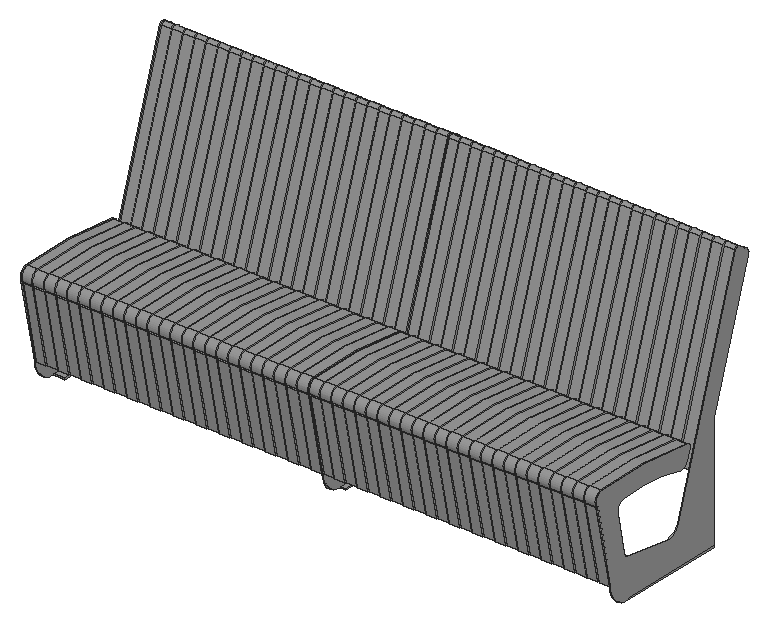
Revit family "Скамейка стальная «Авиньон» Арт 15496", category Антураж, Revit 2018
Family settings
  На основе рабочей плоскости = Нет
  Всегда вертикально = Да
  При загрузке вырезать с полостями = Нет
  Источник визуального образа = Геометрия семейства
  Общий = Нет
  Точка расчета площади = Нет
Parameters (values of type "Версия 2,25 м (лиственница)")
  Ширина = 740 mm  # constant formula
  Цвет опоры = Сталь
  Цвет лавки = Лиственница
  Описание = if([Версия 2,25 м (лиственница)], "Скамейка стальная «Авиньон». Версия 2,25 м (лиственница)", "Скамейка стальная «Авиньон». Версия 2,25 м (сосна)")  # "Скамейка стальная «Авиньон». Версия 2,25 м (лиственница)"
  Материал изделия = "Сталь, дерево"  # constant formula
  Изображение типоразмера = Скамейка стальная «Авиньон» Арт 15496.jpg
  Изготовитель = "ООО «Хоббика»"  # constant formula
  Длина = 2250 mm  # constant formula
  Группа модели = "Скамейки"  # constant formula
  Высота = 1000 mm  # constant formula
  Версия 2,25 м (сосна) = not([Версия 2,25 м (лиственница)])  # no
  Версия 2,25 м (лиственница) = yes
  Артикул товара = "Арт. 15496"  # constant formula
  URL = "https://hobbyka.ru/product/skameyka_so_spinkoy_avinon/"
Types (3, lengths in mm): name | Цвет лавки | Описание | Версия 2,25 м (сосна) | Версия 2,25 м (лиственница)
  (no name) | Лиственница | "Скамейка стальная «Авиньон». Версия 2,25 м (лиственница)" | no | yes
  Версия 2,25 м (лиственница) | Лиственница | "Скамейка стальная «Авиньон». Версия 2,25 м (лиственница)" | no | yes
  Версия 2,25 м (сосна) | Сосна | "Скамейка стальная «Авиньон». Версия 2,25 м (сосна)" | yes | no
Reference planes
  plane 1 "По центру (Вперед/Назад)": y = 0
  plane 2: z = 0
  plane 3 "По центру (Влево/Вправо)": x = 0
  plane 4: x = 2250
  plane 5: y = 740
  plane 6: x = 25
  plane 7: x = 2225
  plane 8: z = 1000
Dimensions and locks
  "Ширина": plane 5 to plane 1 "По центру (Вперед/Назад)"
  "Длина": plane 3 "По центру (Влево/Вправо)" to plane 4
  equal spacing: plane 3 "По центру (Влево/Вправо)", nested 4, plane 4
  equal spacing: group 1, group 3, group 4, group 5, group 6, group 7, group 8, group 9, group 10, group 11, group 12, group 13, group 14, group 15, group 16, group 17, group 18, group 19, group 20, group 21, group 22, group 23, group 24, group 25, group 26, group 27, group 28, group 29, group 30, group 31, group 32, group 33, group 34, group 35, group 36, group 37, group 38, group 39, group 40, group 41, group 42, group 43, group 44, group 45, group 46, group 47, group 48, group 49, group 50, group 2  (x3)
  "Высота": plane 8 to level
  aligned and locked: level to plane 2
  aligned and locked: plane 3 "По центру (Влево/Вправо)" to nested 2
  aligned and locked: plane 4 to nested 3
Nested families
  nested 1: "Скамейка стальная «Авиньон» Арт 15496 лавка" at (25, 0, 0), type "Боковая опора"
  nested 2: "Скамейка стальная «Авиньон» Арт 15496 опора" at (0, 0, 0), type "Боковая опора"
  nested 3: "Скамейка стальная «Авиньон» Арт 15496 опора" at (2250, 0, 0) x (-1, 0, 0) z (0, 0, 1), type "Боковая опора"
  nested 4: "Скамейка стальная «Авиньон» Арт 15496 опора" at (1125, 0, 0), type "Средняя опора"
  nested 5: "Скамейка стальная «Авиньон» Арт 15496 лавка" at (2225, 0, 0), type "Боковая опора"
  nested 6: "Скамейка стальная «Авиньон» Арт 15496 лавка" at (69.898, 0, 0), type "Боковая опора"
  nested 7: "Скамейка стальная «Авиньон» Арт 15496 лавка" at (114.796, 0, 0), type "Боковая опора"
  nested 8: "Скамейка стальная «Авиньон» Арт 15496 лавка" at (159.694, 0, 0), type "Боковая опора"
  nested 9: "Скамейка стальная «Авиньон» Арт 15496 лавка" at (204.592, 0, 0), type "Боковая опора"
  nested 10: "Скамейка стальная «Авиньон» Арт 15496 лавка" at (249.49, 0, 0), type "Боковая опора"
  nested 11: "Скамейка стальная «Авиньон» Арт 15496 лавка" at (294.388, 0, 0), type "Боковая опора"
  nested 12: "Скамейка стальная «Авиньон» Арт 15496 лавка" at (339.286, 0, 0), type "Боковая опора"
  nested 13: "Скамейка стальная «Авиньон» Арт 15496 лавка" at (384.184, 0, 0), type "Боковая опора"
  nested 14: "Скамейка стальная «Авиньон» Арт 15496 лавка" at (429.082, 0, 0), type "Боковая опора"
  nested 15: "Скамейка стальная «Авиньон» Арт 15496 лавка" at (473.98, 0, 0), type "Боковая опора"
  nested 16: "Скамейка стальная «Авиньон» Арт 15496 лавка" at (518.878, 0, 0), type "Боковая опора"
  nested 17: "Скамейка стальная «Авиньон» Арт 15496 лавка" at (563.776, 0, 0), type "Боковая опора"
  nested 18: "Скамейка стальная «Авиньон» Арт 15496 лавка" at (608.673, 0, 0), type "Боковая опора"
  nested 19: "Скамейка стальная «Авиньон» Арт 15496 лавка" at (653.571, 0, 0), type "Боковая опора"
  nested 20: "Скамейка стальная «Авиньон» Арт 15496 лавка" at (698.469, 0, 0), type "Боковая опора"
  nested 21: "Скамейка стальная «Авиньон» Арт 15496 лавка" at (743.367, 0, 0), type "Боковая опора"
  nested 22: "Скамейка стальная «Авиньон» Арт 15496 лавка" at (788.265, 0, 0), type "Боковая опора"
  nested 23: "Скамейка стальная «Авиньон» Арт 15496 лавка" at (833.163, 0, 0), type "Боковая опора"
  nested 24: "Скамейка стальная «Авиньон» Арт 15496 лавка" at (878.061, 0, 0), type "Боковая опора"
  nested 25: "Скамейка стальная «Авиньон» Арт 15496 лавка" at (922.959, 0, 0), type "Боковая опора"
  nested 26: "Скамейка стальная «Авиньон» Арт 15496 лавка" at (967.857, 0, 0), type "Боковая опора"
  nested 27: "Скамейка стальная «Авиньон» Арт 15496 лавка" at (1012.755, 0, 0), type "Боковая опора"
  nested 28: "Скамейка стальная «Авиньон» Арт 15496 лавка" at (1057.653, 0, 0), type "Боковая опора"
  nested 29: "Скамейка стальная «Авиньон» Арт 15496 лавка" at (1102.551, 0, 0), type "Боковая опора"
  nested 30: "Скамейка стальная «Авиньон» Арт 15496 лавка" at (1147.449, 0, 0), type "Боковая опора"
  nested 31: "Скамейка стальная «Авиньон» Арт 15496 лавка" at (1192.347, 0, 0), type "Боковая опора"
  nested 32: "Скамейка стальная «Авиньон» Арт 15496 лавка" at (1237.245, 0, 0), type "Боковая опора"
  nested 33: "Скамейка стальная «Авиньон» Арт 15496 лавка" at (1282.143, 0, 0), type "Боковая опора"
  nested 34: "Скамейка стальная «Авиньон» Арт 15496 лавка" at (1327.041, 0, 0), type "Боковая опора"
  nested 35: "Скамейка стальная «Авиньон» Арт 15496 лавка" at (1371.939, 0, 0), type "Боковая опора"
  nested 36: "Скамейка стальная «Авиньон» Арт 15496 лавка" at (1416.837, 0, 0), type "Боковая опора"
  nested 37: "Скамейка стальная «Авиньон» Арт 15496 лавка" at (1461.735, 0, 0), type "Боковая опора"
  nested 38: "Скамейка стальная «Авиньон» Арт 15496 лавка" at (1506.633, 0, 0), type "Боковая опора"
  nested 39: "Скамейка стальная «Авиньон» Арт 15496 лавка" at (1551.531, 0, 0), type "Боковая опора"
  nested 40: "Скамейка стальная «Авиньон» Арт 15496 лавка" at (1596.429, 0, 0), type "Боковая опора"
  nested 41: "Скамейка стальная «Авиньон» Арт 15496 лавка" at (1641.327, 0, 0), type "Боковая опора"
  nested 42: "Скамейка стальная «Авиньон» Арт 15496 лавка" at (1686.224, 0, 0), type "Боковая опора"
  nested 43: "Скамейка стальная «Авиньон» Арт 15496 лавка" at (1731.122, 0, 0), type "Боковая опора"
  nested 44: "Скамейка стальная «Авиньон» Арт 15496 лавка" at (1776.02, 0, 0), type "Боковая опора"
  nested 45: "Скамейка стальная «Авиньон» Арт 15496 лавка" at (1820.918, 0, 0), type "Боковая опора"
  nested 46: "Скамейка стальная «Авиньон» Арт 15496 лавка" at (1865.816, 0, 0), type "Боковая опора"
  nested 47: "Скамейка стальная «Авиньон» Арт 15496 лавка" at (1910.714, 0, 0), type "Боковая опора"
  nested 48: "Скамейка стальная «Авиньон» Арт 15496 лавка" at (1955.612, 0, 0), type "Боковая опора"
  nested 49: "Скамейка стальная «Авиньон» Арт 15496 лавка" at (2000.51, 0, 0), type "Боковая опора"
  nested 50: "Скамейка стальная «Авиньон» Арт 15496 лавка" at (2045.408, 0, 0), type "Боковая опора"
  nested 51: "Скамейка стальная «Авиньон» Арт 15496 лавка" at (2090.306, 0, 0), type "Боковая опора"
  nested 52: "Скамейка стальная «Авиньон» Арт 15496 лавка" at (2135.204, 0, 0), type "Боковая опора"
  nested 53: "Скамейка стальная «Авиньон» Арт 15496 лавка" at (2180.102, 0, 0), type "Боковая опора"
Definition of nested family "Скамейка стальная «Авиньон» Арт 15496 лавка"
  Parameters (values of type "Боковая опора")
    Цвет лавки = none
    Height = 0 mm
  Types (2): name
    Боковая опора
    Средняя опора
  Reference planes
    plane 1 "По центру (Вперед/Назад)": y = 0
    plane 2: z = 0
    plane 3 "По центру (Влево/Вправо)": x = 0
  Forms (mm)
    Extrusion 1, solid, material <- "Цвет лавки"
      sketch origin (0, 0, 0) x (0, 1, 0) y (0, 0, 1)
        loop
          line (456.271, 322.379) -> (479.973, 314.431) -> (707.865, 994.033) -> (701.717, 997.795)
          arc (701.717, 997.795) -> (690.377, 999.583) -> (681.094, 992.829) r 15
          line (681.094, 992.829) -> (456.271, 322.379)
        loop
          line (70.257, 83.402) -> (94.711, 88.6) -> (31.387, 386.519) -> (5.828, 386.519) -> (70.257, 83.402)
        loop
          line (4.765, 391.519) -> (30.324, 391.519) -> (27.946, 402.706)
          arc (27.946, 402.706) -> (25.11, 409.409) -> (30.149, 414.662) r 6.616
          arc (30.149, 414.662) -> (241.698, 416.42) -> (451.714, 390.937) r 1640.333
          line (451.714, 390.937) -> (455.009, 400.763)
          arc (455.009, 400.763) -> (454.32, 410.716) -> (446.795, 417.266) r 13.034
          arc (446.795, 417.266) -> (237.674, 441.677) -> (27.143, 439.508) r 1665.333
          arc (27.143, 439.508) -> (2.962, 421.572) -> (4.765, 391.519) r 31.616
      from -20 to 20
  Dimensions and locks
    aligned and locked: level to plane 2
Definition of nested family "Скамейка стальная «Авиньон» Арт 15496 опора"
  Parameters (values of type "Средняя опора")
    Цвет опоры = none
    Средняя опора = yes
    Height = 0 mm
    Боковая опора = no
  Types (3, lengths in mm): name | Средняя опора | Боковая опора
    (no name) | yes | no
    Боковая опора | no | yes
    Средняя опора | yes | no
  Reference planes
    plane 1 "По центру (Вперед/Назад)": y = 0
    plane 2: z = 0
    plane 3 "По центру (Влево/Вправо)": x = 0
  Forms (mm)
    Extrusion 1, solid, material <- "Цвет опоры", visible <- "Боковая опора"
      sketch origin (0, 0, 0) x (0, 1, 0) y (0, 0, 1)
        loop
          line (573.543, 0) -> (573.543, 454.588) -> (739.394, 949.176)
          arc (739.394, 949.176) -> (739.157, 967.713) -> (727.423, 982.066) r 28.088
          line (727.423, 982.066) -> (701.717, 997.795)
          arc (701.717, 997.795) -> (690.377, 999.583) -> (681.094, 992.829) r 15
          line (681.094, 992.829) -> (401.313, 158.489)
          arc (401.313, 158.489) -> (382.406, 133.187) -> (352.164, 124.075) r 50.48
          line (352.164, 124.075) -> (159.062, 151.213)
          arc (159.062, 151.213) -> (141.562, 158.462) -> (134.313, 175.962) r 24.749
          line (134.313, 175.962) -> (103.126, 322.684)
          arc (103.126, 322.684) -> (108.561, 349.398) -> (131.805, 363.642) r 34.183
          arc (131.805, 363.642) -> (269.377, 367.597) -> (404.45, 341.194) r 621.851
          arc (404.45, 341.194) -> (425.856, 342.613) -> (440.702, 358.098) r 29.653
          line (440.702, 358.098) -> (455.009, 400.763)
          arc (455.009, 400.763) -> (454.32, 410.716) -> (446.795, 417.266) r 13.034
          arc (446.795, 417.266) -> (237.674, 441.677) -> (27.143, 439.508) r 1665.333
          arc (27.143, 439.508) -> (2.962, 421.572) -> (4.765, 391.519) r 31.616
          line (4.765, 391.519) -> (70.257, 83.402)
          arc (70.257, 83.402) -> (94.685, 24.428) -> (153.66, 0) r 83.402
          line (153.66, 0) -> (573.543, 0)
      from 0 to 5
    Extrusion 2, solid, material <- "Цвет опоры", visible <- "Боковая опора"
      sketch origin (0, 0, 0) x (0, 1, 0) y (0, 0, 1)
        loop
          line (153.66, 0) -> (573.543, 0) -> (573.543, 5) -> (153.66, 5) -> (153.66, 0)
      from 0 to 50
    Extrusion 3, solid, material <- "Цвет опоры", visible <- "Средняя опора"
      sketch origin (0, 0, 0) x (0, 1, 0) y (0, 0, 1)
        loop
          line (573.543, 0) -> (573.543, 454.588) -> (739.394, 949.176)
          arc (739.394, 949.176) -> (739.157, 967.713) -> (727.423, 982.066) r 28.088
          line (727.423, 982.066) -> (701.717, 997.795)
          arc (701.717, 997.795) -> (690.377, 999.583) -> (681.094, 992.829) r 15
          line (681.094, 992.829) -> (401.313, 158.489)
          arc (401.313, 158.489) -> (382.406, 133.187) -> (352.164, 124.075) r 50.48
          line (352.164, 124.075) -> (159.062, 151.213)
          arc (159.062, 151.213) -> (141.562, 158.462) -> (134.313, 175.962) r 24.749
          line (134.313, 175.962) -> (103.126, 322.684)
          arc (103.126, 322.684) -> (108.561, 349.398) -> (131.805, 363.642) r 34.183
          arc (131.805, 363.642) -> (269.377, 367.597) -> (404.45, 341.194) r 621.851
          arc (404.45, 341.194) -> (425.856, 342.613) -> (440.702, 358.098) r 29.653
          line (440.702, 358.098) -> (455.009, 400.763)
          arc (455.009, 400.763) -> (454.32, 410.716) -> (446.795, 417.266) r 13.034
          arc (446.795, 417.266) -> (237.674, 441.677) -> (27.143, 439.508) r 1665.333
          arc (27.143, 439.508) -> (2.962, 421.572) -> (4.765, 391.519) r 31.616
          line (4.765, 391.519) -> (70.257, 83.402)
          arc (70.257, 83.402) -> (94.685, 24.428) -> (153.66, 0) r 83.402
          line (153.66, 0) -> (573.543, 0)
      from -2.5 to 2.5
    Extrusion 4, solid, material <- "Цвет опоры", visible <- "Средняя опора"
      sketch origin (0, 0, 0) x (0, 1, 0) y (0, 0, 1)
        loop
          line (153.66, 0) -> (573.543, 0) -> (573.543, 5) -> (153.66, 5) -> (153.66, 0)
      from -25 to 25
  Dimensions and locks
    aligned and locked: level to plane 2
